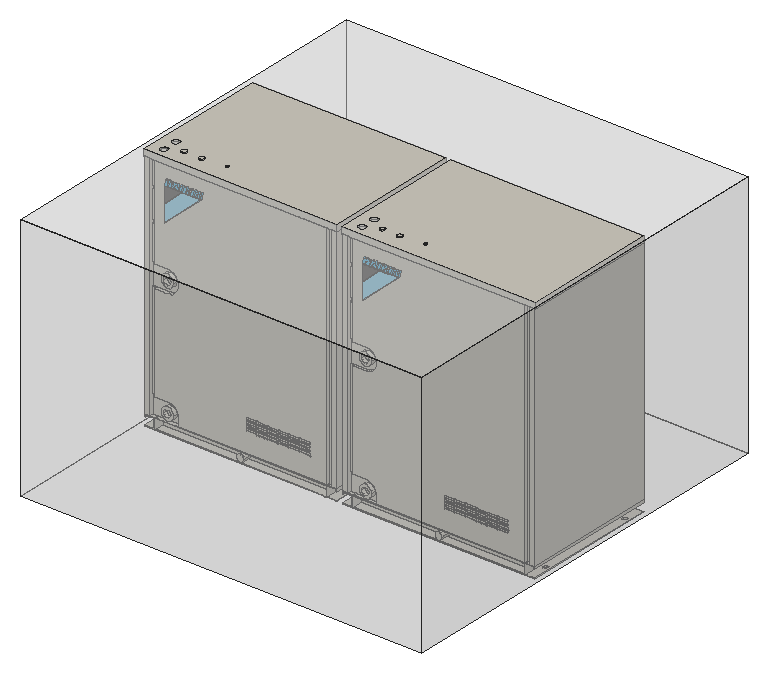
Revit family "outputfile", category 機械設備, Revit 2024 (continued)
Definition of nested family "DAIKIN_outdoorunit_RWEYQ-TY14"
  Definition of nested family "outdoorunit_downpanel"
    Reference planes
      plane 4 "Back": y = 10
      plane 5 "Front": y = -10
      plane 6: x = 736
      plane 7 "Top": z = 510
      plane 8 "Left": x = 0
      plane 9: z = 255
      plane 10: y = -18
      plane 11: y = 6
      plane 12: y = 8
      plane 13: x = 368
    Forms (mm)
      Extrusion 1, solid, material <- "material"
        sketch origin (0, 0, 0) x (1, 0, 0) y (0, 1, 0)
          loop
            line (0, 10) -> (0, -10) -> (736, -10) -> (736, 10) -> (0, 10)
        from 0 to 510
    Dimensions and locks
      equal spacing: plane 4 "Back", plane 1 "Center (Front/Back)", plane 5 "Front"
      "depth": plane 4 "Back" to plane 5 "Front"
      "width": plane 8 "Left" to plane 6
      "height1": plane 7 "Top" to plane 2 "Bottom"
      plane 4 "Back" to plane 11 = 4.0 mm
      plane 4 "Back" to plane 12 = 2.0 mm
      equal spacing: plane 8 "Left", plane 13, plane 6
      equal spacing: plane 7 "Top", plane 9, plane 2 "Bottom"
      aligned and locked: level to plane 2 "Bottom"
      aligned and locked: plane 8 "Left" to Extrusion 1 sketch curve
      aligned and locked: Extrusion 1 sketch curve to plane 4 "Back"
      aligned and locked: plane 5 "Front" to Extrusion 1 sketch curve
      aligned and locked: Extrusion 1 to plane 2 "Bottom"
      aligned and locked: plane 7 "Top" to Extrusion 1
      aligned and locked: plane 3 to plane 8 "Left"
    Automatic sketch dimensions
      Extrusion 1 sketch curve to plane 6 = 0.0 mm
  Definition of nested family "daikin_mountinghole"
    Parameters (values of type "daikin_mountinghole")
      Default Elevation = 1219.2 mm
      Type Comments = "mountinghole"
      show [instance] = yes
      material = none
      l_centerline = 100.0 mm
      l_antenna [instance] = 100.0 mm
      h_mountinghole [instance] = 0.0 mm
      d_circle = 30.0 mm
      Link_Nested Family [instance] = ""
    Reference planes
      plane 1 "Center (Front/Back)": y = 0
      plane 2: z = 0
      plane 3 "Center (Left/Right)": x = 0
      plane 4: y = 50
      plane 5: x = -50
      plane 6: x = 50
      plane 7: y = -50
      plane 8 "h_mountinghole": z = 0
      plane 9: z = 100
    Lines and regions (mm)
      model lines, detail levels fine
        curve 1: circle (0, 0, 0) r 15 normal (0, 0, 1)
        curve 2: line (-50, 0, 0) -> (50, 0, 0)
        curve 3: line (0, 50, 0) -> (0, -50, 0)
      symbolic lines, detail levels fine
        curve 4: circle (0, 0, 0) r 15 normal (0, 0, 1)
        curve 5: line (-50, 0, 0) -> (50, 0, 0)
        curve 6: line (0, 50, 0) -> (0, -50, 0)
      model lines
        curve 7: line (0, 0, 100) -> (0, 0, 0)
    Dimensions and locks
      equal spacing: plane 4, plane 1 "Center (Front/Back)", plane 7
      "l_centerline": plane 4 to plane 7
      equal spacing: plane 5, plane 3 "Center (Left/Right)", plane 6
      "l_centerline": plane 5 to plane 6
      "l_antenna": plane 9 to plane 8 "h_mountinghole"
      "h_mountinghole": plane 8 "h_mountinghole" to plane 2
      "d_circle": diameter of curve 1
      "d_circle": diameter of curve 4
      aligned and locked: level to plane 2
      aligned and locked: plane 1 "Center (Front/Back)" to curve 1
      aligned and locked: plane 3 "Center (Left/Right)" to curve 1
      aligned and locked: plane 1 "Center (Front/Back)" to curve 2
      aligned and locked: curve 3 to plane 3 "Center (Left/Right)"
      aligned and locked: plane 6 to curve 2
      aligned and locked: plane 5 to curve 2
      aligned and locked: plane 4 to curve 3
      aligned and locked: plane 7 to curve 3
      aligned and locked: plane 1 "Center (Front/Back)" to curve 4
      aligned and locked: plane 3 "Center (Left/Right)" to curve 4
      aligned and locked: plane 6 to curve 5
      aligned and locked: plane 5 to curve 5
      aligned and locked: plane 1 "Center (Front/Back)" to curve 5
      aligned and locked: plane 4 to curve 6
      aligned and locked: plane 7 to curve 6
      aligned and locked: curve 6 to plane 3 "Center (Left/Right)"
      aligned and locked: curve 7 to plane 3 "Center (Left/Right)"
      aligned and locked: plane 9 to curve 7
      aligned and locked: plane 8 "h_mountinghole" to curve 7
Definition of nested family "daikin_clearancespace"
  Parameters (values of type "daikin_clearancespace")
    Description = "daikin_clearancespace"
    width [instance] = 1823.963 mm
    show [instance] = yes
    material = none
    height [instance] = 1359.762 mm
    depth [instance] = 880.0 mm
    Default Elevation = 0.0 mm
    Link_Nested Family [instance] = ""
  Reference planes
    plane 1 "Center (Front/Back)": y = 0
    plane 2 "Center (Elevation)": z = -0.119
    plane 3 "Center (Left/Right)": x = 0
    plane 4: y = 440
    plane 5: y = -440
    plane 6 "Right": x = 911.982
    plane 7 "Left": x = -911.982
    plane 8 "Top": z = 679.762
    plane 9 "Bottom": z = -680
  Forms (mm)
    Extrusion 1, solid, material <- "material", visible <- "show"
      sketch origin (0, 0, 0) x (1, 0, 0) y (0, 1, 0)
        loop
          line (-911.982, 440) -> (-911.982, -440) -> (911.982, -440) -> (911.982, 440) -> (-911.982, 440)
      from -680 to 679.762
  Lines and regions (mm)
    symbolic lines, visible <- "show"
      curve 1: line (911.982, 440, 0) -> (-911.982, 440, 0)
      curve 2: line (-911.982, 440, 0) -> (-911.982, -440, 0)
      curve 3: line (-911.982, -440, 0) -> (911.982, -440, 0)
      curve 4: line (911.982, -440, 0) -> (911.982, 440, 0)
      curve 5: line (911.982, 0, 679.762) -> (-911.982, 0, 679.762)
      curve 6: line (911.982, 0, -680) -> (911.982, 0, 679.762)
      curve 7: line (-911.982, 0, -680) -> (911.982, 0, -680)
      curve 8: line (-911.982, 0, 679.762) -> (-911.982, 0, -680)
      curve 9: line (0, 440, 679.762) -> (0, -440, 679.762)
      curve 10: line (0, -440, 679.762) -> (0, -440, -680)
      curve 11: line (0, 440, -680) -> (0, 440, 679.762)
      curve 12: line (0, -440, -680) -> (0, 440, -680)
  Dimensions and locks
    "width": plane 7 "Left" to plane 6 "Right"
    "depth": plane 4 to plane 5
    "height": plane 8 "Top" to plane 9 "Bottom"
    equal spacing: plane 7 "Left", plane 3 "Center (Left/Right)", plane 6 "Right"
    equal spacing: plane 4, plane 1 "Center (Front/Back)", plane 5
    equal spacing: plane 8 "Top", plane 2 "Center (Elevation)", plane 9 "Bottom"
    aligned and locked: level to plane 2 "Center (Elevation)"
    aligned and locked: Extrusion 1 sketch curve to plane 4
    aligned and locked: plane 7 "Left" to Extrusion 1 sketch curve
    aligned and locked: Extrusion 1 sketch curve to plane 5
    aligned and locked: Extrusion 1 sketch curve to plane 6 "Right"
    aligned and locked: plane 8 "Top" to Extrusion 1
    aligned and locked: curve 1 to Extrusion 1
    aligned and locked: curve 2 to Extrusion 1
    aligned and locked: curve 3 to Extrusion 1
    aligned and locked: curve 4 to Extrusion 1
    aligned and locked: curve 5 to Extrusion 1
    aligned and locked: curve 6 to Extrusion 1
    aligned and locked: curve 7 to Extrusion 1
    aligned and locked: curve 8 to Extrusion 1
    aligned and locked: curve 9 to Extrusion 1
    aligned and locked: curve 10 to Extrusion 1
    aligned and locked: curve 11 to Extrusion 1
    aligned and locked: curve 12 to Extrusion 1
    aligned and locked: Extrusion 1 to plane 9 "Bottom"
Definition of nested family "daikin_logo_elevation_w150"
  Parameters (values of type "daikin_logo_elevation_w150")
    width = 150.0 mm
    show_logo [instance] = yes
    material = none
    height = 180.0 mm
    depth = 5.0 mm
    Default Elevation = 0.0 mm
  Reference planes
    plane 1 "Center (Front/Back)": y = 0
    plane 2: z = 0
    plane 3 "Center (Left/Right)": x = 0
    plane 4 "top": z = 180
    plane 5: z = 155.432
    plane 6 "left": x = -90
    plane 7 "right": x = 60
    plane 8: y = -5
  Forms (mm)
    Extrusion 1, solid, visible <- "show_logo"
      sketch origin (0, 0, 0) x (1, 0, 0) y (0, 0, 1)
        loop
          line (-90, 22.832) -> (54.211, 155.432) -> (-19.804, 155.432) -> (-90, 91.131) -> (-90, 22.832)
      from 0 to 5
    Extrusion 2, solid, visible <- "show_logo"
      sketch origin (0, 0, 0) x (1, 0, 0) y (0, 0, 1)
        loop
          line (-90, 155.432) -> (-90, 91.131) -> (-19.804, 155.432) -> (-90, 155.432)
      from 0 to 5
    Extrusion 3, solid, visible <- "show_logo"
      sketch origin (0, 0, 0) x (1, 0, 0) y (0, 0, 1)
        loop
          line (-73.294, 180) -> (-84.431, 180) -> (-90, 157.726) -> (-73.294, 157.726)
          arc (-73.294, 157.726) -> (-66.673, 159.069) -> (-61.582, 163.51) r 13.209
          arc (-61.582, 163.51) -> (-59.344, 169.288) -> (-60.109, 175.436) r 12.685
          arc (-60.109, 175.436) -> (-61.683, 177.678) -> (-64.031, 179.088) r 6.606
          arc (-64.031, 179.088) -> (-68.629, 179.878) -> (-73.294, 180) r 32.396
        loop
          line (-78.863, 162.18) -> (-74.408, 162.18)
          arc (-74.408, 162.18) -> (-70.986, 164.473) -> (-69.002, 168.082) r 8.708
          arc (-69.002, 168.082) -> (-68.734, 170.84) -> (-69.386, 173.533) r 8.337
          arc (-69.386, 173.533) -> (-70.358, 174.487) -> (-71.624, 174.988) r 3.442
          line (-71.624, 174.988) -> (-76.078, 174.988) -> (-78.863, 162.18)
        loop
          line (-61.043, 157.726) -> (-54.918, 157.726) -> (-52.829, 161.624) -> (-44.059, 161.624) -> (-43.223, 157.726) -> (-33.2, 157.726) -> (-37.655, 180) -> (-48.792, 180) -> (-61.043, 157.726)
        loop
          line (-50.145, 166.635) -> (-45.133, 166.635) -> (-46.565, 173.318) -> (-50.145, 166.635)
        loop
          line (-24.847, 180) -> (-30.416, 157.726) -> (-20.949, 157.726) -> (-15.38, 180) -> (-24.847, 180)
        loop
          line (-15.38, 157.726) -> (-5.914, 157.726) -> (-4.4, 163.779) -> (0.212, 157.726) -> (11.906, 157.726) -> (2.996, 169.42) -> (15.804, 180) -> (5.78, 180) -> (-1.94, 173.623) -> (-0.345, 180) -> (-9.812, 180) -> (-15.38, 157.726)
        loop
          line (20.259, 180) -> (14.133, 157.726) -> (24.157, 157.726) -> (29.725, 180) -> (20.259, 180)
        loop
          line (29.725, 157.726) -> (36.408, 157.726) -> (39.555, 170.315) -> (43.647, 157.726) -> (54.784, 157.726) -> (60.353, 180) -> (53.671, 180) -> (50.281, 166.442) -> (45.874, 180) -> (35.294, 180) -> (29.725, 157.726)
      from 0 to 5
  Dimensions and locks
    "height": plane 4 "top" to plane 2
    locked: plane 4 "top" to plane 5 at 24.568
    "width": plane 6 "left" to plane 7 "right"
    "depth": plane 8 to plane 1 "Center (Front/Back)"
    aligned and locked: level to plane 2
    aligned and locked: plane 4 "top" to Extrusion 3  (x8)
    aligned and locked: plane 5 to Extrusion 1
    aligned and locked: plane 5 to Extrusion 2
    aligned and locked: plane 6 "left" to Extrusion 2
    aligned and locked: plane 6 "left" to Extrusion 1
    aligned and locked: Extrusion 3 to plane 8
    aligned and locked: Extrusion 1 to plane 8
    aligned and locked: Extrusion 2 to plane 8
  Automatic sketch dimensions
    level to Extrusion 1 sketch curve = 22.832 mm
    Extrusion 1 sketch curve to Extrusion 1 sketch curve = 68.298 mm
    Extrusion 1 sketch curve to plane 4 "top" = 24.568 mm
    Extrusion 1 sketch curve to plane 3 "Center (Left/Right)" = 19.804 mm
    Extrusion 2 sketch curve to plane 4 "top" = 24.568 mm
    Extrusion 2 sketch curve to plane 3 "Center (Left/Right)" = 19.804 mm
    Extrusion 2 sketch curve to Extrusion 2 sketch curve = 64.302 mm
    Extrusion 3 sketch curve to plane 4 "top" = 0.0 mm  (x8)
    Extrusion 3 sketch curve to plane 4 "top" = 0.912 mm
    Extrusion 3 sketch curve to Extrusion 3 sketch curve = 2.154 mm
    Extrusion 3 sketch curve to Extrusion 3 sketch curve = 6.245 mm
    Extrusion 3 sketch curve to plane 4 "top" = 4.564 mm
    Extrusion 3 sketch curve to Extrusion 3 sketch curve = 5.748 mm
    Extrusion 3 sketch curve to Extrusion 3 sketch curve = 2.001 mm
    Extrusion 3 sketch curve to Extrusion 3 sketch curve = 4.603 mm
    Extrusion 3 sketch curve to Extrusion 3 sketch curve = 0.59 mm
    Extrusion 3 sketch curve to Extrusion 3 sketch curve = 0.07 mm
    Extrusion 3 sketch curve to Extrusion 3 sketch curve = 1.49 mm
    Extrusion 3 sketch curve to plane 4 "top" = 5.012 mm
    Extrusion 3 sketch curve to Extrusion 3 sketch curve = 3.556 mm
    Extrusion 3 sketch curve to Extrusion 3 sketch curve = 5.569 mm  (x3)
    Extrusion 3 sketch curve to Extrusion 3 sketch curve = 0.309 mm
    Extrusion 3 sketch curve to Extrusion 3 sketch curve = 4.455 mm  (x4)
    Extrusion 3 sketch curve to Extrusion 3 sketch curve = 0.288 mm
    Extrusion 3 sketch curve to Extrusion 3 sketch curve = 0.689 mm
    Extrusion 3 sketch curve to Extrusion 3 sketch curve = 2.238 mm
    Extrusion 3 sketch curve to Extrusion 3 sketch curve = 4.528 mm
    Extrusion 3 sketch curve to Extrusion 3 sketch curve = 0.658 mm
    Extrusion 3 sketch curve to Extrusion 3 sketch curve = 2.931 mm
    Extrusion 3 sketch curve to Extrusion 3 sketch curve = 0.357 mm
    Extrusion 3 sketch curve to Extrusion 3 sketch curve = 0.101 mm
    Extrusion 3 sketch curve to Extrusion 3 sketch curve = 11.317 mm
    Extrusion 3 sketch curve to Extrusion 3 sketch curve = 0.539 mm
    Extrusion 3 sketch curve to Extrusion 3 sketch curve = 11.137 mm  (x2)
    Extrusion 3 sketch curve to Extrusion 3 sketch curve = 5.784 mm
    Extrusion 3 sketch curve to Extrusion 3 sketch curve = 10.024 mm  (x3)
    Extrusion 3 sketch curve to Extrusion 3 sketch curve = 0.835 mm
    Extrusion 3 sketch curve to Extrusion 3 sketch curve = 8.771 mm
    Extrusion 3 sketch curve to Extrusion 3 sketch curve = 2.088 mm
    Extrusion 3 sketch curve to Extrusion 3 sketch curve = 3.898 mm
    Extrusion 3 sketch curve to plane 4 "top" = 6.682 mm
    Extrusion 3 sketch curve to Extrusion 3 sketch curve = 2.227 mm  (x2)
    Extrusion 3 sketch curve to Extrusion 3 sketch curve = 2.685 mm
    Extrusion 3 sketch curve to plane 4 "top" = 13.365 mm
    Extrusion 3 sketch curve to Extrusion 3 sketch curve = 5.012 mm
    Extrusion 3 sketch curve to Extrusion 3 sketch curve = 12.808 mm
    Extrusion 3 sketch curve to Extrusion 3 sketch curve = 2.784 mm
    Extrusion 3 sketch curve to Extrusion 3 sketch curve = 9.467 mm  (x4)
    Extrusion 3 sketch curve to Extrusion 3 sketch curve = 0.0 mm  (x5)
    Extrusion 3 sketch curve to Extrusion 3 sketch curve = 5.568 mm  (x2)
    Extrusion 3 sketch curve to plane 3 "Center (Left/Right)" = 0.345 mm
    Extrusion 3 sketch curve to plane 3 "Center (Left/Right)" = 1.94 mm
    Extrusion 3 sketch curve to plane 4 "top" = 6.377 mm
    plane 3 "Center (Left/Right)" to Extrusion 3 sketch curve = 5.78 mm
    plane 3 "Center (Left/Right)" to Extrusion 3 sketch curve = 2.996 mm
    Extrusion 3 sketch curve to Extrusion 3 sketch curve = 4.203 mm
    plane 3 "Center (Left/Right)" to Extrusion 3 sketch curve = 11.906 mm
    Extrusion 3 sketch curve to Extrusion 3 sketch curve = 11.694 mm
    plane 3 "Center (Left/Right)" to Extrusion 3 sketch curve = 0.212 mm
    Extrusion 3 sketch curve to plane 3 "Center (Left/Right)" = 4.4 mm
    Extrusion 3 sketch curve to Extrusion 3 sketch curve = 6.053 mm
    Extrusion 3 sketch curve to plane 3 "Center (Left/Right)" = 5.914 mm
    Extrusion 3 sketch curve to Extrusion 3 sketch curve = 10.581 mm
    Extrusion 3 sketch curve to plane 4 "top" = 13.558 mm
    Extrusion 3 sketch curve to Extrusion 3 sketch curve = 4.406 mm
    Extrusion 3 sketch curve to Extrusion 3 sketch curve = 7.796 mm
    Extrusion 3 sketch curve to Extrusion 3 sketch curve = 6.682 mm  (x2)
    Extrusion 3 sketch curve to Extrusion 3 sketch curve = 4.503 mm
    Extrusion 3 sketch curve to Extrusion 3 sketch curve = 8.716 mm
    Extrusion 3 sketch curve to Extrusion 3 sketch curve = 6.634 mm
    Extrusion 3 sketch curve to plane 4 "top" = 9.685 mm
    Extrusion 3 sketch curve to Extrusion 3 sketch curve = 4.261 mm
    Extrusion 3 sketch curve to Extrusion 3 sketch curve = 1.67 mm
    Extrusion 3 sketch curve to Extrusion 3 sketch curve = 8.353 mm
    Extrusion 1 sketch curve to plane 3 "Center (Left/Right)" = 90.0 mm
    Extrusion 2 sketch curve to Extrusion 2 sketch curve = 70.196 mm
    plane 3 "Center (Left/Right)" to Extrusion 1 sketch curve = 54.211 mm
Definition of nested family "daikin_mountinghole"
  Parameters (values of type "daikin_mountinghole")
    Default Elevation = 1219.2 mm
    Type Comments = "mountinghole"
    show [instance] = yes
    material = none
    l_centerline = 100.0 mm
    l_antenna [instance] = 100.0 mm
    h_mountinghole [instance] = 0.0 mm
    d_circle = 30.0 mm
    Link_Nested Family [instance] = ""
  Reference planes
    plane 1 "Center (Front/Back)": y = 0
    plane 2: z = 0
    plane 3 "Center (Left/Right)": x = 0
    plane 4: y = 50
    plane 5: x = -50
    plane 6: x = 50
    plane 7: y = -50
    plane 8 "h_mountinghole": z = 0
    plane 9: z = 100
  Lines and regions (mm)
    model lines, detail levels fine
      curve 1: circle (0, 0, 0) r 15 normal (0, 0, 1)
      curve 2: line (-50, 0, 0) -> (50, 0, 0)
      curve 3: line (0, 50, 0) -> (0, -50, 0)
    symbolic lines, detail levels fine
      curve 4: circle (0, 0, 0) r 15 normal (0, 0, 1)
      curve 5: line (-50, 0, 0) -> (50, 0, 0)
      curve 6: line (0, 50, 0) -> (0, -50, 0)
    model lines
      curve 7: line (0, 0, 100) -> (0, 0, 0)
  Dimensions and locks
    equal spacing: plane 4, plane 1 "Center (Front/Back)", plane 7
    "l_centerline": plane 4 to plane 7
    equal spacing: plane 5, plane 3 "Center (Left/Right)", plane 6
    "l_centerline": plane 5 to plane 6
    "l_antenna": plane 9 to plane 8 "h_mountinghole"
    "h_mountinghole": plane 8 "h_mountinghole" to plane 2
    "d_circle": diameter of curve 1
    "d_circle": diameter of curve 4
    aligned and locked: level to plane 2
    aligned and locked: plane 1 "Center (Front/Back)" to curve 1
    aligned and locked: plane 3 "Center (Left/Right)" to curve 1
    aligned and locked: plane 1 "Center (Front/Back)" to curve 2
    aligned and locked: curve 3 to plane 3 "Center (Left/Right)"
    aligned and locked: plane 6 to curve 2
    aligned and locked: plane 5 to curve 2
    aligned and locked: plane 4 to curve 3
    aligned and locked: plane 7 to curve 3
    aligned and locked: plane 1 "Center (Front/Back)" to curve 4
    aligned and locked: plane 3 "Center (Left/Right)" to curve 4
    aligned and locked: plane 6 to curve 5
    aligned and locked: plane 5 to curve 5
    aligned and locked: plane 1 "Center (Front/Back)" to curve 5
    aligned and locked: plane 4 to curve 6
    aligned and locked: plane 7 to curve 6
    aligned and locked: curve 6 to plane 3 "Center (Left/Right)"
    aligned and locked: curve 7 to plane 3 "Center (Left/Right)"
    aligned and locked: plane 9 to curve 7
    aligned and locked: plane 8 "h_mountinghole" to curve 7
Definition of nested family "daikin_connector_rotate3"
  Parameters (values of type "daikin_connector_rotate3")
    show [instance] = yes
    radius [instance] = 10.0 mm
    length [instance] = 600.0 mm
    angle_horizontal [instance] = 60.00°
    angle_vertical [instance] = 90.00°
    Default Elevation = 0.0 mm
  Reference planes
    plane 1 "Center (Front/Back)": y = 0
    plane 2: z = 0
    plane 3 "Center (Left/Right)": x = 0
  Dimensions and locks
    "angle_horizontal": angle plane 3 "Center (Left/Right)" to nested 1
    aligned and locked: level to plane 2
    aligned and locked: plane 1 "Center (Front/Back)" to nested 1  (x2)
    aligned and locked: plane 3 "Center (Left/Right)" to nested 1
  Nested families
    nested 1: "daikin_connector_rotate2" at (0, 0, 0) x (0.5, 0.866, 0) z (0, 0, 1), angle_vertical <- "angle_vertical", length <- "length", radius <- "radius", type "daikin_connector_rotate2"
      with radius 10.0 mm, length 600.0 mm, angle_vertical 90.00°
  Definition of nested family "daikin_connector_rotate2"
    Parameters (values of type "daikin_connector_rotate2")
      show_face = yes
      radius [instance] = 10.0 mm
      length [instance] = 600.0 mm
      d_surface = 10.0 mm
      angle_vertical [instance] = 90.00°
      Default Elevation = 0.0 mm
    Reference planes
      plane 1 "Center (Front/Back)": y = 0
      plane 2: z = 0
      plane 3 "Center (Left/Right)": x = 0
    Forms (mm)
      Extrusion 1, solid, visible <- "show_face"
        sketch origin (0, -600, 0) x (1, 0, 0) y (0, 0, 1)
          loop
            circle (0, 0) r 10
        from 0 to -10
    Lines and regions (mm)
      reference lines
        curve 1: line (0, 0, 0) -> (0, -600, 0)
      symbolic lines
        curve 2: circle (0, 0, 0) r 5 normal (0, 0, 1)
      model lines, visible <- "show_face"
        curve 3: line (0, 0, 0) -> (0, -600, 0)
    Dimensions and locks
      "length": curve 1 to curve 1
      "length": curve 3 to curve 3
      "d_surface": Extrusion 1 to Extrusion 1
      "radius": radius of Extrusion 1 sketch curve
      "angle_vertical": angle curve 1 to plane 1 "Center (Front/Back)"
      "angle_vertical": angle curve 3 to plane 1 "Center (Front/Back)"
      aligned and locked: level to plane 2
      aligned and locked: plane 1 "Center (Front/Back)" to curve 1
      aligned and locked: plane 2 to curve 1
      aligned and locked: plane 1 "Center (Front/Back)" to curve 2
      aligned and locked: plane 3 "Center (Left/Right)" to curve 2
      aligned and locked: plane 1 "Center (Front/Back)" to curve 3
      aligned and locked: plane 2 to curve 3
      aligned and locked: Extrusion 1 to Extrusion 1
    Automatic sketch dimensions
      Extrusion 1 sketch curve to level = 0.0 mm
      Extrusion 1 sketch curve to plane 3 "Center (Left/Right)" = 0.0 mm
      radius of curve 2 = 5.0 mm
